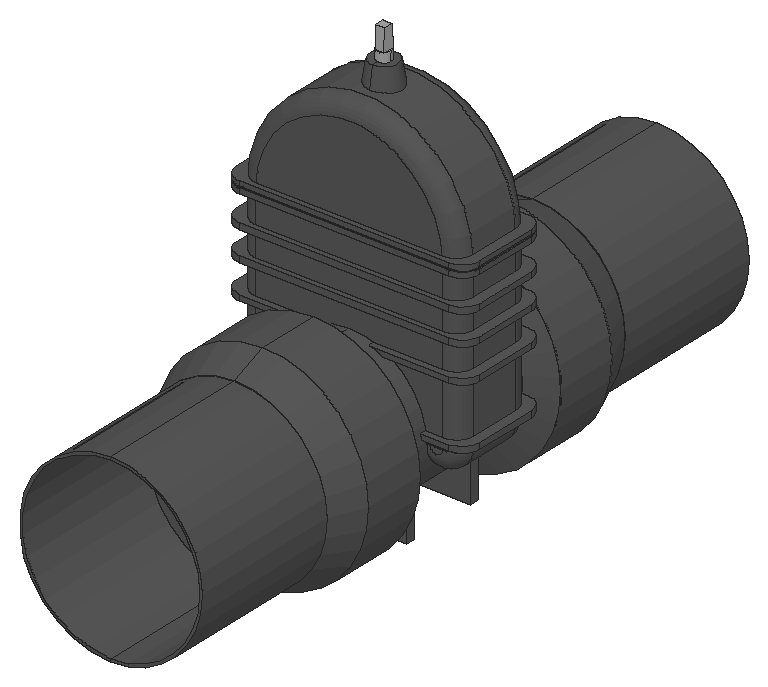
Revit family "36-52-116 DN400-500", category Pipe Accessories, Revit 2022
Family settings
  Round Connector Dimension = Use Diameter
  Part Type = Valve - Breaks Into
  Work Plane-Based = No
  Always vertical = No
  Cut with Voids When Loaded = No
  Shared = No
Parameters (values of type "DN500_D630")
  stem1 = size_lookup(Search_table, "stem1", 0.00 mm, DN)  # 30.00 mm
  cut = D - Dd  # 64.95 mm
  body_dim = Body_L * 0.85  # 323.85 mm
  Valve_D1 = Valve_D - 20.00 mm  # 244.05 mm
  Valve_D = Dd + Thickness + 5.00 mm  # 264.05 mm
  Stem1 = F1 * 1.3  # 48.10 mm
  slant = L * 0.2  # 470.00 mm
  axis_dim = Dd + Thickness  # 259.05 mm
  W = size_lookup(Search_table, "W", 0.00 mm, DN)  # 310.00 mm
  Thickness = 9.00 mm  # constant formula
  Rib_t = Body_Rib_T * 0.5  # 10.00 mm
  Rib_dim2 = Dd * 0.7  # 175.035 mm
  Rib_dim1 = Rib_dim2 * 0.8  # 140.028 mm
  Rib4_W = size_lookup(Search_table, "Rib4_W", 0.00 mm, DN) / 2  # 170.00 mm
  Rib4_L = size_lookup(Search_table, "Rib4_L", 0.00 mm, DN) / 2  # 418.00 mm
  Rib4_H = size_lookup(Search_table, "Rib4_H", 0.00 mm, DN)  # 550.00 mm
  Rib3_W = size_lookup(Search_table, "Rib3_W", 0.00 mm, DN) / 2  # 170.00 mm
  Rib3_L = size_lookup(Search_table, "Rib3_L", 0.00 mm, DN) / 2  # 418.00 mm
  Rib3_H = size_lookup(Search_table, "Rib3_H", 0.00 mm, DN)  # 340.00 mm
  Rib2_W = size_lookup(Search_table, "Rib2_W", 0.00 mm, DN) / 2  # 170.00 mm
  Rib2_L = size_lookup(Search_table, "Rib2_L", 0.00 mm, DN) / 2  # 418.00 mm
  Rib2_H = size_lookup(Search_table, "Rib2_H", 0.00 mm, DN)  # 222.00 mm
  Rib1_W = size_lookup(Search_table, "Rib1_W", 0.00 mm, DN) / 2  # 170.00 mm
  Rib1_L = size_lookup(Search_table, "Rib1_L", 0.00 mm, DN) / 2  # 418.00 mm
  Rib1_H = size_lookup(Search_table, "Rib1_H", 0.00 mm, DN)  # 120.00 mm
  Raised_dis = size_lookup(Search_table, "Raised_dis", 0.00 mm, DN)  # 4.00 mm
  Raised_R = size_lookup(Search_table, "Raised_R", 0.00 mm, DN)  # 295.00 mm
  OD = size_lookup(Search_table, "OD", 0.00 mm, DN)  # 357.50 mm
  L1 = size_lookup(Search_table, "L1", 0.00 mm, DN)  # 534.00 mm
  L = size_lookup(Search_table, "L", 0.00 mm, DN)  # 2350.00 mm
  H3-H = H3 - H  # 366.00 mm
  H3 = size_lookup(Search_table, "H3", 0.00 mm, DN)  # 1502.00 mm
  H = size_lookup(Search_table, "H", 0.00 mm, DN)  # 1136.00 mm
  Gate valve_Pipe_L = size_lookup(Search_table, "Gate valve_Pipe_L", 0.00 mm, DN)  # 225.00 mm
  Fitting_mid_L = (((L / 2) - (Body_W + Bonnet_FL_T + FL_T)) - L1) / 1.7  # 259.118 mm
  Fitting_dim4 = Fitting_dim2 * 1.25  # 145.754 mm
  Fitting_dim3 = Fitting_dim2 * 1.2  # 139.924 mm
  Fitting_dim2 = Fitting_mid_L * 0.45  # 116.603 mm
  Fitting_dim1 = Fitting_mid_L * 0.3  # 77.735 mm
  Fillet1 = Fillet * 1.2  # 69.60 mm
  Fillet = size_lookup(Search_table, "Fillet", 0.00 mm, DN)  # 58.00 mm
  FL_T = size_lookup(Search_table, "FL_T", 0.00 mm, DN)  # 31.00 mm
  F2 = size_lookup(Search_table, "F2", 0.00 mm, DN)  # 75.00 mm
  F1 = size_lookup(Search_table, "F1", 0.00 mm, DN)  # 37.00 mm
  F = size_lookup(Search_table, "F", 0.00 mm, DN)  # 30.00 mm
  Bore = DN / 2  # 250.05 mm
  Bonnet_FL_W = size_lookup(Search_table, "Bonnet_FL_W", 0.00 mm, DN) / 2  # 170.00 mm
  Body_dim = size_lookup(Search_table, "Body_dim", 0.00 mm, DN)  # 80.00 mm
  Body_Rib_T = size_lookup(Search_table, "Body_Rib_T", 0.00 mm, DN)  # 20.00 mm
  Body_Rib_Start = size_lookup(Search_table, "Body_Rib_Start", 0.00 mm, DN)  # 134.00 mm
  Body_Rib_L = size_lookup(Search_table, "Body_Rib_L", 0.00 mm, DN)  # 400.00 mm
  Body_Rib_H = size_lookup(Search_table, "Body_Rib_H", 0.00 mm, DN)  # 330.00 mm
  36-630-52-161086 = "DN500_D630"
  36-560-52-161086 = "DN500_D560"
  36-500-52-161086 = "DN400_D500"
  36-400-52-161086 = "DN400_D400"
  36-450-52-161086 = "DN400_D450"
  DN = 500.10 mm
  Description_ = "AVK GATE VALVE, PREMIUM 100, PE PIPE ENDS, PN16"
  Default Elevation = 0.00 mm
  Dd = size_lookup(Search_table, "Dd", 0.00 mm, DN)  # 250.05 mm
  Search_table = "36-52-116 DN400-500"
  URL product pages = "https://www.avkvalves.com/P.aspx?no=3607552161086"
  D = size_lookup(Search_table, "D", 0.00 mm, DN) / 2  # 315.00 mm
  Bottom_revolve = Body_L * 0.7  # 266.70 mm
  Bonnet_dim4 = Bonnet_dim2 * 0.9  # 107.64 mm
  Bonnet_dim3 = Bonnet_dim2 * 0.7  # 83.72 mm
  Bonnet_dim2 = Body_W * 0.8  # 119.60 mm
  Bonnet_dim1 = Body_L * 1.15  # 438.15 mm
  Bonnet_FL_T = size_lookup(Search_table, "Bonnet_FL_T", 0.00 mm, DN)  # 20.00 mm
  Bonnet_FL_L = size_lookup(Search_table, "Bonnet_FL_L", 0.00 mm, DN) / 2  # 418.00 mm
  Bonnet_Dim4 = Stem1 * 1.15  # 55.315 mm
  Body_dimension2 = size_lookup(Search_table, "Body_dimension2", 0.00 mm, DN)  # 131.75 mm
  Body_dimension1 = FL_T * 1.2  # 37.20 mm
  Body_dim4 = Body_W * 1.1  # 164.45 mm
  Body_dim3 = Body_L * 1.1  # 419.10 mm
  Body_W = size_lookup(Search_table, "Body_W", 0.00 mm, DN) / 2  # 149.50 mm
  Body_L = size_lookup(Search_table, "Body_L", 0.00 mm, DN) / 2  # 381.00 mm
  Body_Height = size_lookup(Search_table, "Body_Height", 0.00 mm, DN)  # 580.00 mm
  2 = 2.00 mm  # constant formula
Types (6, lengths in mm): name | stem1 | cut | body_dim | Valve_D1 | Valve_D | slant | axis_dim | W | Rib_t | Rib_dim2 | Rib_dim1 | Rib4_W | Rib4_L | Rib4_H | Rib3_W | Rib3_L | Rib3_H | Rib2_W | Rib2_L | Rib2_H | Rib1_W | Rib1_L | Rib1_H | Raised_R | OD | L1 | L | H3-H | H3 | H | Gate valve_Pipe_L | Fitting_mid_L | Fitting_dim4 | Fitting_dim3 | Fitting_dim2 | Fitting_dim1 | Fillet1 | Fillet | FL_T | F2 | F | Bore | Bonnet_FL_W | Body_dim | Body_Rib_T | Body_Rib_Start | Body_Rib_L | Body_Rib_H | DN | Dd | D | Bottom_revolve | Bonnet_dim4 | Bonnet_dim3 | Bonnet_dim2 | Bonnet_dim1 | Bonnet_FL_T | Bonnet_FL_L | Body_dimension2 | Body_dimension1 | Body_dim4 | Body_dim3 | Body_W | Body_L | Body_Height
  (no name) | 30.00 | 64.95 | 323.85 | 244.05 | 264.05 | 470.00 | 259.05 | 310.00 | 10.00 | 175.035 | 140.028 | 170.00 | 418.00 | 550.00 | 170.00 | 418.00 | 340.00 | 170.00 | 418.00 | 222.00 | 170.00 | 418.00 | 120.00 | 295.00 | 357.50 | 534.00 | 2350.00 | 366.00 | 1502.00 | 1136.00 | 225.00 | 259.118 | 145.754 | 139.924 | 116.603 | 77.735 | 69.60 | 58.00 | 31.00 | 75.00 | 30.00 | 250.05 | 170.00 | 80.00 | 20.00 | 134.00 | 400.00 | 330.00 | 500.10 | 250.05 | 315.00 | 266.70 | 107.64 | 83.72 | 119.60 | 438.15 | 20.00 | 418.00 | 131.75 | 37.20 | 164.45 | 419.10 | 149.50 | 381.00 | 580.00
  DN400_D400 | 32.00 | 0.00 | 202.30 | 194.00 | 214.00 | 340.00 | 209.00 | 285.00 | 8.00 | 140.00 | 112.00 | 140.00 | 282.50 | 485.00 | 140.00 | 282.50 | 315.00 | 140.00 | 282.50 | 195.00 | 140.00 | 282.50 | 75.00 | 241.00 | 290.00 | 355.00 | 1700.00 | 253.00 | 1165.00 | 912.00 | 140.00 | 215.294 | 121.103 | 116.259 | 96.882 | 64.588 | 64.80 | 54.00 | 28.00 | 55.00 | 32.00 | 200.00 | 141.00 | 70.00 | 16.00 | 60.00 | 300.00 | 247.00 | 400.00 | 200.00 | 200.00 | 166.60 | 61.92 | 48.16 | 68.80 | 273.70 | 15.00 | 282.00 | 127.50 | 33.60 | 94.60 | 261.80 | 86.00 | 238.00 | 485.00
  DN400_D450 | 75.00 | 24.95 | 202.30 | 194.05 | 214.05 | 360.00 | 209.05 | 285.00 | 8.00 | 140.035 | 112.028 | 140.00 | 282.50 | 485.00 | 140.00 | 282.50 | 315.00 | 140.00 | 282.50 | 195.00 | 140.00 | 282.50 | 75.00 | 241.00 | 290.00 | 384.00 | 1800.00 | 265.00 | 1200.00 | 935.00 | 140.00 | 227.647 | 128.051 | 122.929 | 102.441 | 68.294 | 64.80 | 54.00 | 28.00 | 55.00 | 32.00 | 200.05 | 141.00 | 70.00 | 16.00 | 60.00 | 300.00 | 247.00 | 400.10 | 200.05 | 225.00 | 166.60 | 61.92 | 48.16 | 68.80 | 273.70 | 15.00 | 282.00 | 127.50 | 33.60 | 94.60 | 261.80 | 86.00 | 238.00 | 485.00
  DN400_D500 | 75.00 | 49.945 | 202.30 | 194.055 | 214.055 | 370.00 | 209.055 | 300.00 | 8.00 | 140.038 | 112.031 | 140.00 | 282.50 | 485.00 | 140.00 | 282.50 | 315.00 | 140.00 | 282.50 | 195.00 | 140.00 | 282.50 | 75.00 | 280.00 | 320.00 | 350.00 | 1850.00 | 295.00 | 1246.00 | 951.00 | 140.00 | 261.176 | 146.912 | 141.035 | 117.529 | 78.353 | 64.80 | 54.00 | 29.00 | 55.00 | 32.00 | 200.055 | 141.00 | 70.00 | 16.00 | 60.00 | 300.00 | 247.00 | 400.11 | 200.055 | 250.00 | 166.60 | 61.92 | 48.16 | 68.80 | 273.70 | 16.00 | 282.00 | 127.50 | 34.80 | 94.60 | 261.80 | 86.00 | 238.00 | 485.00
  DN500_D560 | 30.00 | 30.00 | 323.85 | 244.00 | 264.00 | 440.00 | 259.00 | 300.00 | 10.00 | 175.00 | 140.00 | 170.00 | 418.00 | 550.00 | 170.00 | 418.00 | 340.00 | 170.00 | 418.00 | 222.00 | 170.00 | 418.00 | 120.00 | 280.00 | 320.00 | 474.00 | 2200.00 | 330.00 | 1448.00 | 1118.00 | 225.00 | 251.471 | 141.452 | 135.794 | 113.162 | 75.441 | 64.80 | 54.00 | 29.00 | 75.00 | 30.00 | 250.00 | 170.00 | 80.00 | 20.00 | 134.00 | 400.00 | 330.00 | 500.00 | 250.00 | 280.00 | 266.70 | 107.64 | 83.72 | 119.60 | 438.15 | 20.00 | 418.00 | 127.50 | 34.80 | 164.45 | 419.10 | 149.50 | 381.00 | 580.00
  DN500_D630 | 30.00 | 64.95 | 323.85 | 244.05 | 264.05 | 470.00 | 259.05 | 310.00 | 10.00 | 175.035 | 140.028 | 170.00 | 418.00 | 550.00 | 170.00 | 418.00 | 340.00 | 170.00 | 418.00 | 222.00 | 170.00 | 418.00 | 120.00 | 295.00 | 357.50 | 534.00 | 2350.00 | 366.00 | 1502.00 | 1136.00 | 225.00 | 259.118 | 145.754 | 139.924 | 116.603 | 77.735 | 69.60 | 58.00 | 31.00 | 75.00 | 30.00 | 250.05 | 170.00 | 80.00 | 20.00 | 134.00 | 400.00 | 330.00 | 500.10 | 250.05 | 315.00 | 266.70 | 107.64 | 83.72 | 119.60 | 438.15 | 20.00 | 418.00 | 131.75 | 37.20 | 164.45 | 419.10 | 149.50 | 381.00 | 580.00
Reference planes
  plane 1 "Center (Front/Back)": y = 0
  plane 2: z = 0
  plane 3 "Center (Left/Right)": x = 0
  plane 4: y = 1175
  plane 5: y = -1175
  plane 6: z = -366
  plane 7: z = 1136
  plane 8: z = 295
  plane 9: y = 37.5
  plane 10: y = -37.5
  plane 11: y = 18.5
  plane 12: y = -18.5
  plane 13: x = -155
  plane 14: x = 155
  plane 15: y = 1144
  plane 16: y = -1144
  plane 17: z = 580
  plane 18: y = 15
  plane 19: y = -15
  plane 20: z = 1061
  plane 21: x = -15
  plane 22: x = 15
  plane 23: z = 264.05
  plane 24: y = -427
  plane 25: y = 134
  plane 26: y = -134
  plane 27: y = 20
  plane 28: y = -20
  plane 29: y = 15
  plane 30: y = -15
  plane 31: y = 154
  plane 32: z = 139.293
  plane 33: z = -139.293
  plane 34: z = 50
  plane 35: z = -50
  plane 36: y = 641
  plane 37: y = -641
  plane 38: y = 381.882
  plane 39: y = -381.882
  plane 40: z = 315
  plane 41: z = 335
  plane 42: z = -315
  plane 43: z = 366
  plane 44: y = -154
  plane 45: x = -381
  plane 46: z = 542.8
  plane 47: x = 381
  plane 48: x = -200
  plane 49: x = 200
  plane 50: z = -330
  plane 51: y = 225
  plane 52: z = 460
  plane 53: z = 358
  plane 54: z = 240
  plane 55: z = 30
  plane 56: z = 264.05
Forms (mm)
  Revolve 1, solid, material "DynamoError"
    sketch origin (0, 0, 0) x (0, 1, 0) y (0, 0, 1)
      loop
        line (225, 0) -> (225, 264.05) -> (-225, 264.05) -> (-225, 0) -> (225, 0)
      axis (225, 0) -> (-225, 0)
    angle from 0 to 360
  Extrusion 2, solid, material "Default Wall"
    sketch origin (0, 0, 0) x (0, 1, 0) y (0, 0, 1)
      loop
        line (-18.5, 1061) -> (18.5, 1061) -> (15, 1136) -> (-15, 1136) -> (-18.5, 1061)
    from -15 to 15
  Extrusion 3, solid, material "Default Wall"
    sketch origin (-292.418, -1524, 1136) x (-1, 0, 0) y (0, -1, 0)
      loop
        circle (-292.418, -1524) r 24.05
    from -105 to -75
  Extrusion 4, solid, material "DynamoError"
    sketch origin (-292.418, -1524, 1136) x (-1, 0, 0) y (0, -1, 0)
      loop
        arc (30.582, -1673.5) -> (71.594, -1656.512) -> (88.582, -1615.5) r 58
        line (88.582, -1615.5) -> (88.582, -1432.5)
        arc (88.582, -1432.5) -> (71.594, -1391.488) -> (30.582, -1374.5) r 58
        line (30.582, -1374.5) -> (-615.418, -1374.5)
        arc (-615.418, -1374.5) -> (-656.43, -1391.488) -> (-673.418, -1432.5) r 58
        line (-673.418, -1432.5) -> (-673.418, -1615.5)
        arc (-673.418, -1615.5) -> (-656.43, -1656.512) -> (-615.418, -1673.5) r 58
        line (-615.418, -1673.5) -> (30.582, -1673.5)
    from -1136 to -556
  Extrusion 5, solid, material "DynamoError"
    sketch origin (0, 450.725, 580) x (0, 1, 0) y (-1, 0, 0)
      loop
        arc (-280.725, 360) -> (-297.712, 401.012) -> (-338.725, 418) r 58
        line (-338.725, 418) -> (-562.725, 418)
        arc (-562.725, 418) -> (-603.737, 401.012) -> (-620.725, 360) r 58
        line (-620.725, 360) -> (-620.725, -360)
        arc (-620.725, -360) -> (-603.737, -401.012) -> (-562.725, -418) r 58
        line (-562.725, -418) -> (-338.725, -418)
        arc (-338.725, -418) -> (-297.712, -401.012) -> (-280.725, -360) r 58
        line (-280.725, -360) -> (-280.725, 360)
    from -20 to 20
  Sweep 6, void
    path in 3D
      loop
        arc (-418, -112, 600) -> (-401.012, -153.012, 600) -> (-360, -170, 600) r 58
        line (-360, -170, 600) -> (360, -170, 600)
        arc (360, -170, 600) -> (401.012, -153.012, 600) -> (418, -112, 600) r 58
        line (418, -112, 600) -> (418, 112, 600)
        arc (418, 112, 600) -> (401.012, 153.012, 600) -> (360, 170, 600) r 58
        line (360, 170, 600) -> (-360, 170, 600)
        arc (-360, 170, 600) -> (-401.012, 153.012, 600) -> (-418, 112, 600) r 58
        line (-418, 112, 600) -> (-418, -112, 600)
    profile origin (-418, 0, 600) x (1, 0, 0) y (0, 0, 1)
      loop
        circle (0, -20) r 2
  Revolve 7, solid, material "DynamoError"
    sketch origin (0, 450.725, 580) x (0, 1, 0) y (-1, 0, 0)
      loop
        line (-301.225, -323) -> (-301.225, 0) -> (-600.225, 0) -> (-600.225, -323)
        arc (-600.225, -323) -> (-583.237, -364.012) -> (-542.225, -381) r 58
        line (-542.225, -381) -> (-359.225, -381)
        arc (-359.225, -381) -> (-318.212, -364.012) -> (-301.225, -323) r 58
      axis (-301.225, 0) -> (-600.225, 0)
    angle from -180 to 0
  Revolve 8, solid, material "DynamoError"
    sketch origin (0, 0, 0) x (0, 1, 0) y (0, 0, 1)
      loop
        line (1175, 315) -> (641, 315) -> (641, 306) -> (1175, 306) -> (1175, 315)
      loop
        line (-641, 315) -> (-1175, 315) -> (-1175, 306) -> (-641, 306) -> (-641, 315)
      axis (1175, 0) -> (-1175, 0)
    angle from 0 to 360
  Revolve 9, solid, material "DynamoError"
    sketch origin (0, 0, 0) x (0, 1, 0) y (0, 0, 1)
      loop
        line (0, 1031) -> (-48.1, 1031) -> (-119.6, 580) -> (0, 580) -> (0, 1031)
      axis (0, 580) -> (0, 1031)
    angle from 0 to 360
  Revolve 10, solid, material "DynamoError"
    sketch origin (0, 0, 0) x (0, 1, 0) y (0, 0, 1)
      loop
        line (641, 315) -> (521.806, 366) -> (304.147, 366) -> (265.279, 264.05) -> (225, 264.05) -> (225, 244.05) -> (641, 244.05) -> (641, 315)
      loop
        line (-641, 315) -> (-641, 244.05) -> (-225, 244.05) -> (-225, 264.05) -> (-265.279, 264.05) -> (-304.147, 366) -> (-521.806, 366) -> (-641, 315)
      axis (641, 0) -> (-641, 0)
    angle from 0 to 360
  Extrusion 11, solid, material "DynamoError"
    sketch origin (0, -154, 341.081) x (0, 0, 1) y (1, 0, 0)
      loop
        line (-671.081, 200) -> (-671.081, -200) -> (-341.081, -200) -> (-341.081, 200) -> (-671.081, 200)
    from 0 to 31
  Extrusion 12, solid, material "DynamoError"
    sketch origin (0, 154, 341.081) x (0, 0, 1) y (-1, 0, 0)
      loop
        line (-671.081, -200) -> (-341.081, -200) -> (-341.081, 200) -> (-671.081, 200) -> (-671.081, -200)
    from 0 to 31
  Revolve 13, solid, material "DynamoError"
    sketch origin (0, 0, 0) x (1, 0, 0) y (0, 1, 0)
      loop
        arc (-323, 149.5) -> (-364.012, 132.512) -> (-381, 91.5) r 58
        line (-381, 91.5) -> (-381, -91.5)
        arc (-381, -91.5) -> (-364.012, -132.512) -> (-323, -149.5) r 58
        line (-323, -149.5) -> (-301, -149.5) -> (-301, 149.5) -> (-323, 149.5)
      axis (-301, -149.5) -> (-301, 149.5)
    angle from 0 to 360
  Revolve 14, solid, material "DynamoError"
    sketch origin (0, 0, 0) x (1, 0, 0) y (0, 1, 0)
      loop
        arc (381, 91.5) -> (364.012, 132.512) -> (323, 149.5) r 58
        line (323, 149.5) -> (301, 149.5) -> (301, -149.5) -> (323, -149.5)
        arc (323, -149.5) -> (364.012, -132.512) -> (381, -91.5) r 58
        line (381, -91.5) -> (381, 91.5)
      axis (301, 149.5) -> (301, -149.5)
    angle from 0 to 360
  Extrusion 15, solid, material "DynamoError"
    sketch origin (0, 434.529, 460) x (0, 1, 0) y (-1, 0, 0)
      loop
        arc (-264.529, 360) -> (-281.517, 401.012) -> (-322.529, 418) r 58
        line (-322.529, 418) -> (-546.529, 418)
        arc (-546.529, 418) -> (-587.542, 401.012) -> (-604.529, 360) r 58
        line (-604.529, 360) -> (-604.529, -360)
        arc (-604.529, -360) -> (-587.542, -401.012) -> (-546.529, -418) r 58
        line (-546.529, -418) -> (-322.529, -418)
        arc (-322.529, -418) -> (-281.517, -401.012) -> (-264.529, -360) r 58
        line (-264.529, -360) -> (-264.529, 360)
    from -10 to 10
  Extrusion 16, solid, material "DynamoError"
    sketch origin (0, 412.26, 358) x (0, 1, 0) y (-1, 0, 0)
      loop
        arc (-242.26, 360) -> (-259.247, 401.012) -> (-300.26, 418) r 58
        line (-300.26, 418) -> (-524.26, 418)
        arc (-524.26, 418) -> (-565.272, 401.012) -> (-582.26, 360) r 58
        line (-582.26, 360) -> (-582.26, -360)
        arc (-582.26, -360) -> (-565.272, -401.012) -> (-524.26, -418) r 58
        line (-524.26, -418) -> (-300.26, -418)
        arc (-300.26, -418) -> (-259.247, -401.012) -> (-242.26, -360) r 58
        line (-242.26, -360) -> (-242.26, 360)
    from -10 to 10
  Extrusion 17, solid, material "DynamoError"
    sketch origin (0, 412.26, 240) x (0, 1, 0) y (-1, 0, 0)
      loop
        arc (-242.26, 360) -> (-259.247, 401.012) -> (-300.26, 418) r 58
        line (-300.26, 418) -> (-524.26, 418)
        arc (-524.26, 418) -> (-565.272, 401.012) -> (-582.26, 360) r 58
        line (-582.26, 360) -> (-582.26, -360)
        arc (-582.26, -360) -> (-565.272, -401.012) -> (-524.26, -418) r 58
        line (-524.26, -418) -> (-300.26, -418)
        arc (-300.26, -418) -> (-259.247, -401.012) -> (-242.26, -360) r 58
        line (-242.26, -360) -> (-242.26, 360)
    from -10 to 10
  Extrusion 18, solid, material "DynamoError"
    sketch origin (0, 434.529, 30) x (0, 1, 0) y (-1, 0, 0)
      loop
        arc (-264.529, 360) -> (-281.517, 401.012) -> (-322.529, 418) r 58
        line (-322.529, 418) -> (-546.529, 418)
        arc (-546.529, 418) -> (-587.542, 401.012) -> (-604.529, 360) r 58
        line (-604.529, 360) -> (-604.529, -360)
        arc (-604.529, -360) -> (-587.542, -401.012) -> (-546.529, -418) r 58
        line (-546.529, -418) -> (-322.529, -418)
        arc (-322.529, -418) -> (-281.517, -401.012) -> (-264.529, -360) r 58
        line (-264.529, -360) -> (-264.529, 360)
    from -10 to 10
Cuts and joins
  Sweep 6 cuts Extrusion 5
Lines and regions (mm)
  sketch lines
    curve 1: line (-418, 112, 600) -> (-418, -112, 600)
    curve 2: arc (-360, -170, 600) -> (-401.012, -153.012, 600) -> (-418, -112, 600) r 58
    curve 3: line (-360, -170, 600) -> (360, -170, 600)
    curve 4: arc (418, -112, 600) -> (401.012, -153.012, 600) -> (360, -170, 600) r 58
    curve 5: line (418, -112, 600) -> (418, 112, 600)
    curve 6: arc (360, 170, 600) -> (401.012, 153.012, 600) -> (418, 112, 600) r 58
    curve 7: line (360, 170, 600) -> (-360, 170, 600)
    curve 8: arc (-418, 112, 600) -> (-401.012, 153.012, 600) -> (-360, 170, 600) r 58
Dimensions and locks
  equal spacing: plane 4, plane 1 "Center (Front/Back)", plane 5
  "L": plane 4 to plane 5
  equal spacing: plane 9, plane 1 "Center (Front/Back)", plane 10
  plane 4 to plane 5 = 2350.00 mm  (x2)
  equal spacing: plane 11, plane 1 "Center (Front/Back)", plane 12
  "F1": plane 11 to plane 12
  equal spacing: plane 14, plane 3 "Center (Left/Right)", plane 13
  "W": plane 14 to plane 13
  "H3-H": level to plane 6
  equal spacing: plane 15, plane 1 "Center (Front/Back)", plane 16
  "Raised_R": plane 8 to level
  "H": plane 7 to level
  equal spacing: plane 18, plane 1 "Center (Front/Back)", plane 19
  "F": plane 18 to plane 19
  "F2": plane 7 to plane 20
  equal spacing: Extrusion 2, plane 3 "Center (Left/Right)", Extrusion 2
  equal spacing: plane 22, plane 3 "Center (Left/Right)", plane 21
  "F": plane 22 to plane 21
  equal spacing: Extrusion 2 sketch curve, plane 1 "Center (Front/Back)", Extrusion 2 sketch curve  (x2)
  "F": Extrusion 2 sketch curve to plane 19
  "F1": Extrusion 2 sketch curve to plane 12
  equal spacing: Extrusion 3 sketch curve, plane 3 "Center (Left/Right)", Extrusion 3 sketch curve
  equal spacing: Extrusion 3 sketch curve, plane 1 "Center (Front/Back)", Extrusion 3 sketch curve
  "stem1": plane 20 to Extrusion 3
  equal spacing: Extrusion 4 sketch curve, plane 3 "Center (Left/Right)", Extrusion 4 sketch curve
  equal spacing: Extrusion 4 sketch curve, plane 1 "Center (Front/Back)", Extrusion 4 sketch curve
  "Body_W": plane 1 "Center (Front/Back)" to Extrusion 4 sketch curve
  "Body_L": plane 3 "Center (Left/Right)" to Extrusion 4 sketch curve
  "FL_T": plane 4 to plane 15
  plane 1 "Center (Front/Back)" to plane 24 = 427.00 mm
  equal spacing: Extrusion 5 sketch curve, plane 1 "Center (Front/Back)", Extrusion 5 sketch curve
  equal spacing: Extrusion 5 sketch curve, plane 3 "Center (Left/Right)", Extrusion 5 sketch curve
  "Bonnet_FL_L": plane 3 "Center (Left/Right)" to Extrusion 5 sketch curve
  "Bonnet_FL_W": plane 1 "Center (Front/Back)" to Extrusion 5 sketch curve
  equal spacing: Extrusion 5, plane 17, Extrusion 5
  "Bonnet_FL_T": Extrusion 5 to plane 17
  "Bonnet_FL_L": plane 3 "Center (Left/Right)" to Sweep 6 sketch curve
  equal spacing: Sweep 6 sketch curve, plane 17, Sweep 6 sketch curve
  equal spacing: plane 25, plane 1 "Center (Front/Back)", plane 26
  "Body_Rib_Start": plane 25 to plane 1 "Center (Front/Back)"
  plane 7 to level = 1136.00 mm
  plane 7 to plane 6 = 1502.00 mm  (x2)
  equal spacing: plane 27, plane 1 "Center (Front/Back)", plane 28
  plane 27 to plane 1 "Center (Front/Back)" = 20.00 mm
  equal spacing: plane 29, plane 1 "Center (Front/Back)", plane 30
  "F": plane 29 to plane 30
  "Body_Rib_T": plane 31 to plane 25
  equal spacing: Revolve 1 sketch curve, plane 1 "Center (Front/Back)", Revolve 1 sketch curve
  equal spacing: plane 32, level, plane 33
  equal spacing: plane 34, level, plane 35
  "stem1": plane 20 to Revolve 9 sketch curve
  "Stem1": plane 1 "Center (Front/Back)" to Revolve 9 sketch curve
  equal spacing: plane 36, plane 1 "Center (Front/Back)", plane 37
  "L1": plane 4 to plane 36
  "Fitting_mid_L": plane 36 to plane 38
  equal spacing: plane 38, plane 1 "Center (Front/Back)", plane 39
  "D": plane 40 to level
  "Valve_D": plane 23 to level
  "Fitting_dim2": plane 38 to Revolve 10 sketch curve
  "Thickness": plane 40 to Revolve 8 sketch curve
  "Bonnet_FL_T": plane 41 to plane 40
  equal spacing: plane 40, level, plane 42
  plane 40 to plane 42 = 630.00 mm  (x2)
  "H3-H": plane 43 to level
  "Fitting_dim3": Revolve 10 sketch curve to plane 38
  "Fitting_dim1": plane 38 to Revolve 10 sketch curve
  plane 4 to plane 36 = 534.00 mm
  equal spacing: plane 31, plane 1 "Center (Front/Back)", plane 44
  equal spacing: Revolve 10 sketch curve, plane 1 "Center (Front/Back)", Revolve 10 sketch curve  (x4)
  "D": Revolve 10 sketch curve to level  (x2)
  "Valve_D": Revolve 10 sketch curve to level
  "FL_T": Extrusion 11 to plane 44
  equal spacing: Extrusion 12, plane 1 "Center (Front/Back)", Extrusion 11
  "Body_L": plane 45 to plane 3 "Center (Left/Right)"
  "Body_dim": plane 45 to Revolve 13 sketch curve
  "Body_dimension1": plane 17 to plane 46
  "Bonnet_dim2": plane 1 "Center (Front/Back)" to Revolve 9 sketch curve
  "Body_L": plane 3 "Center (Left/Right)" to plane 47
  "Body_dim": Revolve 14 sketch curve to plane 47
  "Body_Height": plane 17 to level
  equal spacing: plane 49, plane 3 "Center (Left/Right)", plane 48
  "Body_Rib_L": plane 48 to plane 49
  "Body_Rib_H": level to plane 50
  equal spacing: Extrusion 12 sketch curve, plane 3 "Center (Left/Right)", Extrusion 12 sketch curve
  "Gate valve_Pipe_L": plane 1 "Center (Front/Back)" to plane 51
  plane 1 "Center (Front/Back)" to Revolve 10 sketch curve = 225.00 mm
  "Gate valve_Pipe_L": plane 1 "Center (Front/Back)" to Revolve 10 sketch curve
  "Rib1_H": plane 17 to plane 52
  "Rib2_H": plane 17 to plane 53
  "Rib3_H": plane 17 to plane 54
  "Rib4_H": plane 17 to plane 55
  equal spacing: Extrusion 15 sketch curve, plane 1 "Center (Front/Back)", Extrusion 15 sketch curve
  equal spacing: Extrusion 15 sketch curve, plane 3 "Center (Left/Right)", Extrusion 15 sketch curve
  "Rib1_W": plane 1 "Center (Front/Back)" to Extrusion 15 sketch curve
  "Rib1_L": plane 3 "Center (Left/Right)" to Extrusion 15 sketch curve
  equal spacing: Extrusion 15, plane 52, Extrusion 15
  "Rib_t": Extrusion 15 to plane 52
  equal spacing: Extrusion 16, plane 53, Extrusion 16
  "Rib_t": Extrusion 16 to plane 53
  equal spacing: Extrusion 17, plane 54, Extrusion 17
  "Rib_t": Extrusion 17 to plane 54
  equal spacing: Extrusion 18, plane 55, Extrusion 18
  "Rib_t": Extrusion 18 to plane 55
  "Valve_D": plane 56 to level
  "Valve_D1": Revolve 10 sketch curve to level
  plane 37 to plane 5 = 534.00 mm
  plane 9 to plane 11 to plane 18 = 19.00 mm, 3.50 mm
  plane 11 to plane 12 = 37.00 mm
  "Fillet": radius of Extrusion 4 sketch curve  (x4)
  "Fillet": radius of Extrusion 5 sketch curve  (x4)
  "2": radius of Sweep 6 sketch curve
  "Stem1": diameter of Extrusion 3 sketch curve
  "Fillet": radius of Extrusion 15 sketch curve  (x4)
  aligned and locked: level to plane 2
  aligned and locked: Extrusion 2 to plane 21
  aligned and locked: plane 20 to Extrusion 2 sketch curve
  aligned and locked: Extrusion 2 sketch curve to plane 7
  aligned and locked: plane 20 to Extrusion 3
  aligned and locked: Extrusion 4 to level
  aligned and locked: plane 17 to Extrusion 4
  aligned and locked: Revolve 7 sketch curve to plane 3 "Center (Left/Right)"  (x2)
  aligned and locked: Revolve 7 sketch curve to Extrusion 4  (x2)
  aligned and locked: Extrusion 4 to Revolve 7 sketch curve
  aligned and locked: plane 17 to Revolve 7
  aligned and locked: Revolve 8 sketch curve to plane 4
  aligned and locked: Revolve 8 sketch curve to level
  aligned and locked: plane 1 "Center (Front/Back)" to Revolve 9 sketch curve
  aligned and locked: Revolve 9 sketch curve to plane 1 "Center (Front/Back)"
  aligned and locked: Revolve 8 sketch curve to plane 36
  aligned and locked: Revolve 8 sketch curve to plane 5
  aligned and locked: Revolve 8 sketch curve to plane 37
  aligned and locked: Revolve 10 sketch curve to plane 2
  aligned and locked: Revolve 8 sketch curve to Revolve 8 sketch curve  (x2)
  aligned and locked: Revolve 1 sketch curve to plane 2
  aligned and locked: Revolve 1 sketch curve to plane 23
  aligned and locked: Revolve 8 sketch curve to plane 40
  aligned and locked: Revolve 10 sketch curve to plane 43
  aligned and locked: Revolve 10 sketch curve to Revolve 10 sketch curve  (x2)
  aligned and locked: plane 44 to Extrusion 11
  aligned and locked: Extrusion 12 to plane 31
  aligned and locked: Revolve 13 sketch curve to Extrusion 4  (x2)
  aligned and locked: Revolve 13 sketch curve to Revolve 13 sketch curve
  aligned and locked: plane 17 to Revolve 9 sketch curve
  aligned and locked: Revolve 14 sketch curve to Extrusion 4  (x2)
  aligned and locked: Revolve 14 sketch curve to Revolve 14 sketch curve
  aligned and locked: plane 50 to Extrusion 11 sketch curve
  aligned and locked: plane 49 to Extrusion 12 sketch curve
  aligned and locked: plane 50 to Extrusion 12 sketch curve
  aligned and locked: Extrusion 11 sketch curve to level
  aligned and locked: Extrusion 12 sketch curve to level
  aligned and locked: plane 51 to Revolve 1 sketch curve
  aligned and locked: Extrusion 16 sketch curve to cut or joined group of Extrusion 5, Sweep 6  (x4)
  aligned and locked: Extrusion 17 sketch curve to cut or joined group of Extrusion 5, Sweep 6  (x4)
  aligned and locked: Extrusion 18 sketch curve to cut or joined group of Extrusion 5, Sweep 6  (x4)
  aligned and locked: Revolve 1 sketch curve to Revolve 1 sketch curve
  aligned and locked: plane 1 "Center (Front/Back)" to nested 1
  aligned and locked: Extrusion 11 to plane 48
  aligned and locked: Extrusion 11 to plane 49
Automatic sketch dimensions
  plane 12 to Revolve 7 sketch curve = 0.139 mm
  Revolve 7 sketch curve to plane 27 = 2.139 mm
  plane 49 to Extrusion 11 sketch curve = 0.00 mm
  plane 48 to Extrusion 11 sketch curve = 0.00 mm
  plane 24 to Revolve 1 sketch curve = 0.423 mm
  plane 15 to Revolve 1 sketch curve = 2.383 mm
  Revolve 8 sketch curve to plane 36 = 4.457 mm
  Revolve 8 sketch curve to Revolve 8 sketch curve = 39.10 mm
  Revolve 9 sketch curve to Revolve 9 sketch curve = 16.516 mm
  Revolve 9 sketch curve to Revolve 9 sketch curve = 6.912 mm
  Revolve 10 sketch curve to plane 37 = 0.00 mm
  Revolve 10 sketch curve to plane 36 = 0.00 mm
  Revolve 10 sketch curve to plane 56 = 0.00 mm
  Revolve 10 sketch curve to plane 31 = 70.687 mm
  Revolve 10 sketch curve to plane 38 = 0.526 mm
  plane 11 to Revolve 13 sketch curve = 0.571 mm
  Revolve 13 sketch curve to plane 9 = 0.479 mm
  Revolve 14 sketch curve to plane 1 "Center (Front/Back)" = 3.311 mm
  Revolve 14 sketch curve to Revolve 14 sketch curve = 0.211 mm
Nested families
  nested 1: "logo large-1" at (-381, 0, 500) x (0, -1, 0) z (-1, 0, 0), type "logo large-1"
Connectors
  piping at (0, 1175, 0), diameter 500.1, driven by "DN"
    settings: on Revolve 8, index 1, connector inside diameter 609.6 mm, connector length 0.00 mm, flow factor 0, pipe flow 0.0 L/s, pressure drop 0.0 Pa, fitting loss kfactor 0, connector angle 0.00°, fixture units 0, engagement length 0.00 mm, angle of deflection 0.00°, flow configuration 0, flow direction 0, fitting loss method 0, system type 7, joint type 0, gender type 0, connector reference index -1, connector utility 0, adjustable connector no, is connector primary yes, connector description ""
  piping at (0, -1175, 0), diameter 500.1, driven by "DN"
    settings: on Revolve 8, index 2, connector inside diameter 609.6 mm, connector length 0.00 mm, flow factor 0, pipe flow 0.0 L/s, pressure drop 0.0 Pa, fitting loss kfactor 0, connector angle 0.00°, fixture units 0, engagement length 0.00 mm, angle of deflection 0.00°, flow configuration 0, flow direction 0, fitting loss method 0, system type 7, joint type 0, gender type 0, connector reference index -1, connector utility 0, adjustable connector no, is connector primary no, connector description ""
Definition of nested family "logo large-1"
  Parameters (values of type "logo large-1")
    Default Elevation = 1219.20 mm
    DN600 = yes
    DN500 = yes
  Reference planes
    plane 1 "Center (Front/Back)": y = 0
    plane 2: z = 0
    plane 3 "Center (Left/Right)": x = 0
  Forms (mm)
    Extrusion 1, solid
      sketch origin (0, 0, 0) x (1, 0, 0) y (0, 1, 0)
        loop
          line (-1219.2, 1219.2) -> (-1219.2, -1219.2) -> (1219.2, -1219.2) -> (1219.2, 1219.2) -> (-1219.2, 1219.2)
      from 0 to -304.8
    Extrusion 2, solid, visible <- "DN600"
      sketch origin (0, 0, 0) x (1, 0, 0) y (0, 1, 0)
        loop
          line (-13.414, 47.067) -> (-49.421, 47.067) -> (-49.421, 37.301) -> (-20.11, 37.301) -> (-4.923, 0) -> (4.923, 0) -> (20.11, 37.301) -> (49.421, 37.301) -> (49.421, 47.067) -> (13.414, 47.067) -> (0, 14.12) -> (-13.414, 47.067)
        loop
          line (-49.421, 24.122) -> (-40.161, 24.122) -> (-49.421, 0) -> (-38.959, 0) -> (-36.972, 5.177) -> (-21.641, 5.177) -> (-19.533, 0) -> (-8.989, 0) -> (-22.642, 33.536) -> (-49.421, 33.536) -> (-49.421, 24.122)
        loop
          line (-34.548, 14.12) -> (-25.282, 14.12) -> (-30.051, 25.833) -> (-34.548, 14.12)
        loop
          line (22.642, 33.536) -> (8.989, 0) -> (19.533, 0) -> (24.902, 13.186) -> (34.838, 0) -> (47.067, 0) -> (35.829, 14.914)
          arc (35.829, 14.914) -> (42.384, 18.149) -> (46.597, 24.122) r 14.826
          line (46.597, 24.122) -> (49.421, 24.122) -> (49.421, 33.536) -> (40.007, 33.536)
          arc (40.007, 33.536) -> (36.577, 25.039) -> (28.208, 21.306) r 12.238
          line (28.208, 21.306) -> (33.187, 33.536) -> (22.642, 33.536)
      from 0 to 1
  Dimensions and locks
    aligned and locked: plane 2 to Extrusion 1
    aligned and locked: level to Extrusion 1
